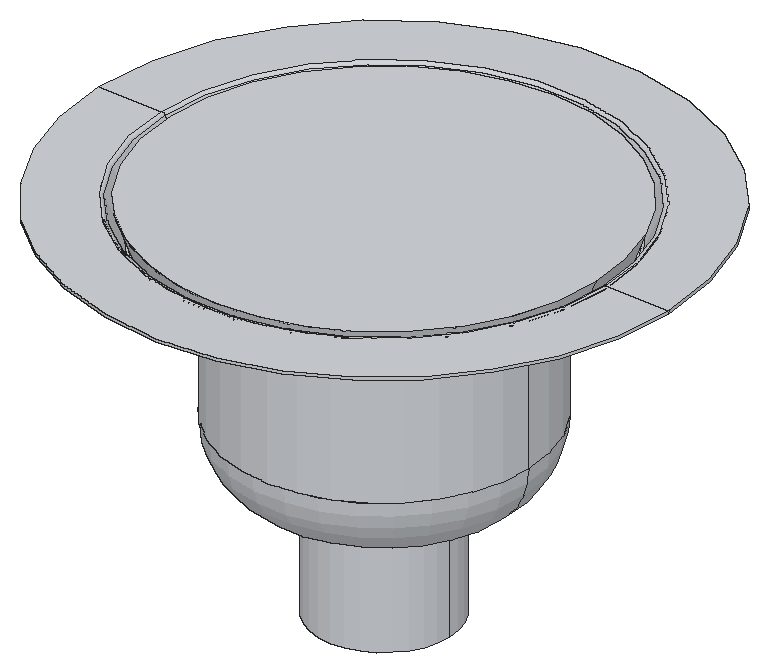
Revit family "S-599_Vertical", category Plumbing Fixtures, Revit 2015
Parameters (values of type "S-599_Vertical_Acero inox.")
  WFU = 1
  URL = "http://www.jimten.com/es/producto/333/sumidero-para-suelo-vinilico-salida-vertical"
  Sello hidráulico = "50 mm"  # constant formula
  Salida = "50M/110M"  # constant formula
  Rejilla = INOX AISI304
  Referencia = "12453"  # constant formula
  Model = "S-599"  # constant formula
  Medida = "Ø160 mm"  # constant formula
  Material = ABS (Blanco)
  Manufacturer = "Jimten"  # constant formula
  Diámetro = 50 mm  # constant formula
  Description = "SUMIDERO PARA SUELOS DE VINILO, SIFON EXTRAIBLE, CON FILTRO DE PELOS, SALIDA VERTICAL, CON CAPO INOX, ANTIVANDÁLICO"  # constant formula
  Type Comments = "CON PRENSATELAS PARA LÁMINAS IMPERMEABILIZANTES DE VINILO. CON TAPA DE PROTECCION DE OBRA"  # constant formula
  Clase carga = "K3"  # constant formula
  Caudal = 0.9 L/s  # constant formula
  Altura total mínima = "110 mm"  # constant formula
Reference planes
  plane 1 "Center (Front/Back)": y = 0
  plane 2: z = 0
  plane 3 "Center (Left/Right)": x = 0
Dimensions and locks
  aligned and locked: level to plane 2
Nested families
  nested 1: "S-598-Rejilla" at (0, 0, 0), type "S-598-Rejilla"
  nested 2: "S-598-OutletVertical" at (0, 0, 0), type "S-598-OutletVertical"
Connectors
  piping at (0, 0, -140), diameter 50, driven by "WFU", driven by "Diámetro", driven by "Caudal"
    settings: on nested 2, index 1, connector inside diameter 609.6 mm, connector length 0 mm, flow factor 0, pipe flow 0.9 L/s, pressure drop 0.0 Pa, fitting loss kfactor 0, connector angle 0.00°, fixture units 1, engagement length 0 mm, angle of deflection 0.00°, flow configuration 0, flow direction 2, fitting loss method 0, system type 16, joint type 0, gender type 0, connector reference index -1, connector utility 0, adjustable connector yes, is connector primary yes, connector description ""
Definition of nested family "S-598-Rejilla"
  Parameters (values of type "S-598-Rejilla")
    Materia_Rejilla = none
  Reference planes
    plane 1 "Center (Front/Back)": y = 0
    plane 2: z = 0
    plane 3 "Center (Left/Right)": x = 0
    plane 4: z = -15
    plane 5 "DetalleRejilla": z = 1
  Forms (mm)
    Blend 1, solid
      base sketch origin (-125.198, -1524, -15) x (-1, 0, 0) y (0, -1, 0)
        loop
          circle (-125.198, -1524) r 75
      top sketch origin (-125.198, -1524, -15) x (-1, 0, 0) y (0, -1, 0)
        loop
          circle (-125.198, -1524) r 80.5
      from 0 to 15
  Lines and regions (mm)
    model lines, detail levels medium+fine
      curve 1: arc (-73.5, -14.925, 1) -> (0.019, -75, 1) -> (73.508, -14.888, 1) r 75
      curve 2: arc (73.508, 14.888, 1) -> (0.019, 75, 1) -> (-73.5, 14.925, 1) r 75
      curve 3: arc (73.508, 14.888, 1) -> (64.052, 0, 1) -> (73.508, -14.888, 1) r 16.448
      curve 4: arc (-73.5, -14.925, 1) -> (-64.015, 0, 1) -> (-73.5, 14.925, 1) r 16.485
      curve 5: circle (0, 0, 1) r 80.5 normal (0, 0, 1)
  Dimensions and locks
    plane 4 to plane 2 = 15 mm
    plane 5 "DetalleRejilla" to plane 2 = 1 mm
    aligned and locked: level to plane 2
    aligned and locked: level to Blend 1
Definition of nested family "S-598-OutletVertical"
  Parameters (values of type "S-599-OutletVertical")
    MaterialOutlet = none
  Reference planes
    plane 1 "Center (Front/Back)": y = 0
    plane 2: z = 0
    plane 3 "Center (Left/Right)": x = 0
    plane 4: z = -100
    plane 5: z = -140
  Forms (mm)
    Revolve 1, solid
      sketch origin (0, 0, 0) x (1, 0, 0) y (0, 0, 1)
        loop
          arc (55, -16.606) -> (55.293, -15.899) -> (56, -15.606) r 1
          line (56, -15.606) -> (76.629, -15.606)
          arc (76.629, -15.606) -> (77.434, -15.366) -> (77.976, -14.724) r 1.469
          line (77.976, -14.724) -> (83.69, -1.601)
          arc (83.69, -1.601) -> (84.059, -1.164) -> (84.607, -1) r 1
          line (84.607, -1) -> (108, -1) -> (108, 0) -> (84.31, 0)
          arc (84.31, 0) -> (83.489, -0.245) -> (82.936, -0.899) r 1.5
          line (82.936, -0.899) -> (77.198, -14.007)
          arc (77.198, -14.007) -> (76.829, -14.443) -> (76.282, -14.606) r 1
          line (76.282, -14.606) -> (56, -14.606)
          arc (56, -14.606) -> (54.586, -15.192) -> (54, -16.606) r 2
          line (54, -16.606) -> (54, -72.536)
          arc (54, -72.536) -> (48.454, -88.237) -> (34.278, -96.973) r 25
          line (34.278, -96.973) -> (24.893, -99) -> (24, -99) -> (24, -100) -> (25, -100) -> (34.489, -97.95)
          arc (34.489, -97.95) -> (49.233, -88.865) -> (55, -72.536) r 26
          line (55, -72.536) -> (55, -16.606)
        axis (0, 0) -> (0, -100)
      angle from 0 to 360
    Revolve 2, solid
      sketch origin (-6.656, -0.453, 0) x (1, 0, 0) y (0, 0, 1)
        loop
          line (75.98, -18) -> (75.98, -10.167) -> (73.872, -15.009)
          arc (73.872, -15.009) -> (73.503, -15.446) -> (72.955, -15.609) r 1
          line (72.955, -15.609) -> (61.5, -15.609)
          arc (61.5, -15.609) -> (60.793, -15.902) -> (60.5, -16.609) r 1
          line (60.5, -16.609) -> (60.5, -28) -> (65.98, -28)
          arc (65.98, -28) -> (73.051, -25.071) -> (75.98, -18) r 10
        axis (0, -10.167) -> (0, -28)
      angle from 0 to 7
    Revolve 3, solid
      sketch origin (0.453, -6.656, 0) x (0, 1, 0) y (0, 0, 1)
        loop
          line (75.98, -18) -> (75.98, -10.167) -> (73.872, -15.009)
          arc (73.872, -15.009) -> (73.503, -15.446) -> (72.955, -15.609) r 1
          line (72.955, -15.609) -> (61.5, -15.609)
          arc (61.5, -15.609) -> (60.793, -15.902) -> (60.5, -16.609) r 1
          line (60.5, -16.609) -> (60.5, -28) -> (65.98, -28)
          arc (65.98, -28) -> (73.051, -25.071) -> (75.98, -18) r 10
        axis (0, -10.167) -> (0, -28)
      angle from 0 to 7
    Revolve 4, solid
      sketch origin (6.656, 0.453, 0) x (-1, 0, 0) y (0, 0, 1)
        loop
          line (75.98, -18) -> (75.98, -10.167) -> (73.872, -15.009)
          arc (73.872, -15.009) -> (73.503, -15.446) -> (72.955, -15.609) r 1
          line (72.955, -15.609) -> (61.5, -15.609)
          arc (61.5, -15.609) -> (60.793, -15.902) -> (60.5, -16.609) r 1
          line (60.5, -16.609) -> (60.5, -28) -> (65.98, -28)
          arc (65.98, -28) -> (73.051, -25.071) -> (75.98, -18) r 10
        axis (0, -10.167) -> (0, -28)
      angle from 0 to 7
    Revolve 5, solid
      sketch origin (-0.453, 6.656, 0) x (0, -1, 0) y (0, 0, 1)
        loop
          line (75.98, -18) -> (75.98, -10.167) -> (73.872, -15.009)
          arc (73.872, -15.009) -> (73.503, -15.446) -> (72.955, -15.609) r 1
          line (72.955, -15.609) -> (61.5, -15.609)
          arc (61.5, -15.609) -> (60.793, -15.902) -> (60.5, -16.609) r 1
          line (60.5, -16.609) -> (60.5, -28) -> (65.98, -28)
          arc (65.98, -28) -> (73.051, -25.071) -> (75.98, -18) r 10
        axis (0, -10.167) -> (0, -28)
      angle from 0 to 7
    Extrusion 6, solid
      sketch origin (-696.277, -1524, -100) x (-1, 0, 0) y (0, -1, 0)
        loop
          circle (-696.277, -1524) r 25
        loop
          circle (-696.277, -1524) r 24
      from 0 to -40
  Dimensions and locks
    level to plane 4 = 100 mm
    plane 4 to plane 5 = 40 mm
    diameter of Extrusion 6 sketch curve = 50 mm
    aligned and locked: level to plane 2
    aligned and locked: Extrusion 6 to plane 5
